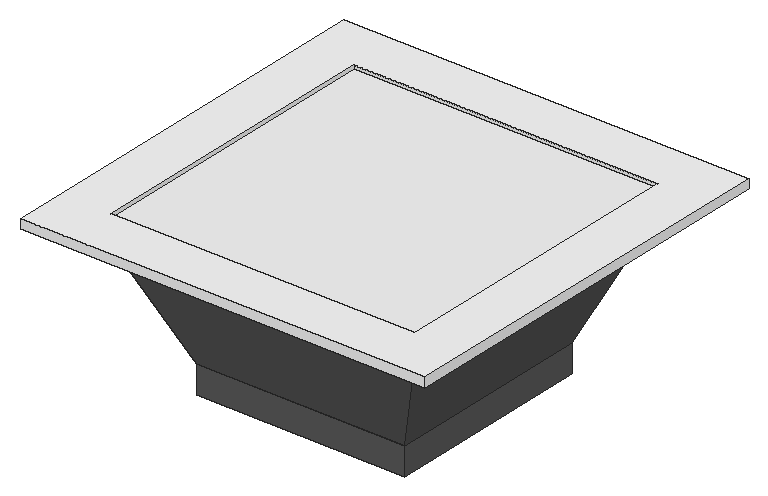
Revit family "3031701 Feilo Sylvania Lighting Fixture SYL-LIGHTER SQ 170 LED12W NW DIM", category Lighting Fixtures, host Face, Revit 2017
Family settings
  Host = Face
  Round Connector Dimension = Use Diameter
  Part Type = Normal
  OmniClass Number = 23.80.70.00
  OmniClass Title = Lighting
  Cut with Voids When Loaded = No
  Light Source = Yes
  Shared = No
  Room Calculation Point = No
Parameters (values of type "3031701 SYL-LIGHTER SQ 170 LED12W NW DIM")
  Width_FEILO = 175 mm
  WidthCutOut_FEILO = 150 mm
  Weight = "7.8 kg"
  Wattage Comments = ""
  Wattage = 12 W
  WarrantyStartDate [instance] = "n/a"
  WarrantyGuarantorParts = "n/a"
  WarrantyDurationUnit = "n/a"
  WarrantyDurationParts = "n/a"
  WarrantyDescription = "n/a"
  built-in parameter 1150110 = 1 (stored number, unit not read)
  Voltage = 230 V
  URL = "http://www.sylvania-lighting.com"
  TypeName = "SYL-LIGHTER SQ 170 LED12W NW DIM"
  Type Image = <None>
  Type Comments = "n/a"
  built-in parameter 1114217 = 1 (stored number, unit not read)
  Tilt Angle = -90.00°
  built-in parameter 1150109 = 1 (stored number, unit not read)
  built-in parameter 1150134 = 12
  built-in parameter 1150113 = 1 (stored number, unit not read)
  SerialNumber [instance] = "n/a"
  Photometric Web File = "3031701.ies"
  Offset3_FEILO = Width_FEILO / 8.5  # 20.588 mm
  Offset2_FEILO = Width_FEILO / 28.3333  # 6.176 mm
  Offset1_FEILO = Width_FEILO / 56.6667  # 3.088 mm
  Material_3_FEILO = Diffuser-Sylvania-InsaverHoTopperSquare
  PowerFactor = 0
  PowerConsumption = "12 W"
  NominalLength = 175 mm
  NominalHeight = 68 mm
  NominalDepth = 175 mm
  Name = "SYL-LIGHTER SQ 170 LED12W NW DIM"
  ModelReference = Name  # "SYL-LIGHTER SQ 170 LED12W NW DIM"
  ModelNumber = "3031701"
  Model = Name  # "SYL-LIGHTER SQ 170 LED12W NW DIM"
  Material = "polycarbonate diffuser"
  ManufacturerName = "Feilo Sylvania"
  Manufacturer = "Feilo Sylvania"
  LuminousEfficacy = "69 lm/W"
  built-in parameter 1150105 = 375.42 (stored number, unit not read)
  Lumens = 828 lm
  LuminaireType = ""
  built-in parameter 1150115 = 1 (stored number, unit not read)
  LightOutputRatio = "n/a"
  built-in parameter 1150137 = (empty or 0)
  built-in parameter 1150139 = (empty or 0)
  LampsType = Lamp  # "LED"
  LampNominalLuminous = "826 lm"
  LampMacAdamStep = "n/a"
  LampColourTemperature = "4000 K"
  LampColourRenderingIndex = "0"
  built-in parameter 1150112 = 1 (stored number, unit not read)
  built-in parameter 1150114 = 1 (stored number, unit not read)
  Lamp = "LED"
  Keynote = "16500"
  InstallationDate [instance] = "n/a"
  InputVoltage = "220-240V~"
  InputNominalFrequency = "n/a"
  built-in parameter 1150132 = (empty or 0)
  built-in parameter 1150102 = (empty or 0)
  built-in parameter 1150107 = 4000 (stored number, unit not read)
  built-in parameter 1150138 = (empty or 0)
  IngressProtection = "IP44"
  ImpactProtectionIndex = "IK02"
  built-in parameter 1150106 = 3.7542 (stored number, unit not read)
  IfcExportType = "IfcLightFixtureType"
  IfcExportAs = "IfcLightFixtureType"
  HieghtCutOut_FEILO = HeightRecessed_FEILO / 0.8  # 85 mm
  HieghtBezel_FEILO = 4 mm
  HeightRecessed_FEILO = 68 mm
  HeightMiddle_FEILO = HeightRecessed_FEILO / 8.5  # 8 mm
  HeightBlend_FEILO = HeightRecessed_FEILO / 1.4167  # 48 mm
  ExpectedLife = 50000
  Emit from Rectangle Width = WidthCutOut_FEILO - 2 * (Offset1_FEILO + Offset2_FEILO)  # 131.471 mm
  Emit from Rectangle Length = WidthCutOut_FEILO - 2 * (Offset1_FEILO + Offset2_FEILO)  # 131.471 mm
  Emit Shape Visible in Rendering = no
  ElectricShockClassification = "n/a"
  built-in parameter 1150104 = 6.4103 (stored number, unit not read)
  DurationUnit = "hours"
  DocumentationLiterature = "http://www.sylvania-lighting.com/product/en-int/products/3031701"
  DimmingControlOptions = "n/a"
  Material_2_FEILO = Body-Sylvania-InsaverHoTopperSquare-Black
  Dimming Lamp Color Temperature Shift = <None>
  Description = ""
  Default Elevation = 1219.2 mm
  CreatedOn = "2/20/2018"
  CreatedBy = ""
  Cost = 0
  Color Filter = 16777215
  built-in parameter 1114216 [instance] = (empty or 0)
  ClassificationValue = "EF_70_80"
  ClassificationName = "Uniclass2015"
  Material_1_FEILO = Bezel-Sylvania-InsaverHoTopperSquare-White
  BarCode [instance] = "n/a"
  built-in parameter 1114218 = 1 (stored number, unit not read)
  built-in parameter 1150133 = 10 (stored number, unit not read)
  AssetType = "Fixed"
  AssetIdentifier [instance] = "n/a"
  Assembly Code = "D5020200"
  Apparent Load = 12 VA
  Material_4_FEILO = none
Reference planes
  plane 1 "Center (Front/Back)": y = 0
  plane 2: z = 0
  plane 3 "Center (Left/Right)": x = 0
  plane 4: x = 75
  plane 5: x = -75
  plane 6: x = -87.5
  plane 7: x = 87.5
  plane 8: x = -71.912
  plane 9: x = 71.912
  plane 10: z = -85
  plane 11: z = 4
  plane 12: z = -8
  plane 13: z = -68
  plane 14: y = 87.5
  plane 15: y = -87.5
  plane 16: y = 75
  plane 17: y = -75
  plane 18: y = 71.912
  plane 19: y = -71.912
  plane 20: z = 2.5
  plane 21: x = -65.735
  plane 22: y = 65.735
  plane 23: x = 65.735
  plane 24: y = -65.735
  plane 25: x = -45.147
  plane 26: y = 45.147
  plane 27: x = 45.147
  plane 28: y = -45.147
  plane 29: z = -56
Forms (mm)
  Extrusion 1, void
    sketch origin (0, 0, 0) x (1, 0, 0) y (0, 1, 0)
      loop
        line (-75, 75) -> (-75, -75) -> (75, -75) -> (75, 75) -> (-75, 75)
    from 0 to -85
  Extrusion 2, solid, material "Bezel-Sylvania-InsaverHoTopperSquare-White" <- "Material_1_FEILO"
    sketch origin (0, 0, 0) x (1, 0, 0) y (0, 1, 0)
      loop
        line (-87.5, 87.5) -> (-87.5, -87.5) -> (87.5, -87.5) -> (87.5, 87.5) -> (-87.5, 87.5)
      loop
        line (-65.735, 65.735) -> (-65.735, -65.735) -> (65.735, -65.735) -> (65.735, 65.735) -> (-65.735, 65.735)
    from 0 to 4
  Extrusion 3, solid, material "Diffuser-Sylvania-InsaverHoTopperSquare" <- "Material_3_FEILO"
    sketch origin (0, 0, 0) x (1, 0, 0) y (0, 1, 0)
      loop
        line (-65.735, 65.735) -> (-65.735, -65.735) -> (65.735, -65.735) -> (65.735, 65.735) -> (-65.735, 65.735)
    from 0 to 2.5
  Extrusion 4, solid, material "Bezel-Sylvania-InsaverHoTopperSquare-White" <- "Material_1_FEILO"
    sketch origin (0, 0, 0) x (1, 0, 0) y (0, 1, 0)
      loop
        line (-71.912, 71.912) -> (-71.912, -71.912) -> (71.912, -71.912) -> (71.912, 71.912) -> (-71.912, 71.912)
    from 0 to -8
  Blend 5, solid, material "Body-Sylvania-InsaverHoTopperSquare-Black" <- "Material_2_FEILO"
    base sketch origin (1223.4, -4572, -8) x (0, -1, 0) y (1, 0, 0)
      loop
        line (-4637.735, -1289.135) -> (-4506.265, -1289.135) -> (-4506.265, -1157.665) -> (-4637.735, -1157.665) -> (-4637.735, -1289.135)
    top sketch origin (1223.4, -4572, -8) x (0, -1, 0) y (1, 0, 0)
      loop
        line (-4617.147, -1268.547) -> (-4526.853, -1268.547) -> (-4526.853, -1178.253) -> (-4617.147, -1178.253) -> (-4617.147, -1268.547)
    from 0 to -48
  Extrusion 6, solid, material "Body-Sylvania-InsaverHoTopperSquare-Black" <- "Material_2_FEILO"
    sketch origin (1223.4, -4572, -56) x (0, -1, 0) y (-1, 0, 0)
      loop
        line (-4617.147, 1268.547) -> (-4617.147, 1178.253) -> (-4526.853, 1178.253) -> (-4526.853, 1268.547) -> (-4617.147, 1268.547)
    from 12 to 0
Dimensions and locks
  "HieghtCutOut_FEILO": plane 2 to plane 10
  "HieghtBezel_FEILO": plane 11 to plane 2
  "HeightMiddle_FEILO": plane 2 to plane 12
  "HeightRecessed_FEILO": plane 2 to plane 13
  equal spacing: plane 19, plane 1 "Center (Front/Back)", plane 18
  equal spacing: plane 17, plane 1 "Center (Front/Back)", plane 16
  equal spacing: plane 15, plane 1 "Center (Front/Back)", plane 14
  "Width_FEILO": plane 15 to plane 14
  "WidthCutOut_FEILO": plane 17 to plane 16
  "Offset1_FEILO": plane 18 to plane 16
  equal spacing: plane 6, plane 3 "Center (Left/Right)", plane 7
  "Width_FEILO": plane 6 to plane 7
  equal spacing: plane 5, plane 3 "Center (Left/Right)", plane 4
  "WidthCutOut_FEILO": plane 5 to plane 4
  equal spacing: plane 8, plane 3 "Center (Left/Right)", plane 9
  "Offset1_FEILO": plane 5 to plane 8
  locked: plane 11 to plane 20 at 1.5
  equal spacing: plane 21, plane 3 "Center (Left/Right)", plane 23
  equal spacing: plane 24, plane 1 "Center (Front/Back)", plane 22
  "Offset2_FEILO": plane 22 to plane 18
  "Offset2_FEILO": plane 8 to plane 21
  equal spacing: plane 25, plane 3 "Center (Left/Right)", plane 27
  equal spacing: plane 28, plane 1 "Center (Front/Back)", plane 26
  "Offset3_FEILO": plane 26 to plane 22
  "Offset3_FEILO": plane 21 to plane 25
  "HeightBlend_FEILO": plane 12 to plane 29
  aligned and locked: plane 2 to host face
  aligned and locked: level to host face
  aligned and locked: plane 16 to Extrusion 1 sketch curve
  aligned and locked: plane 5 to Extrusion 1 sketch curve
  aligned and locked: Extrusion 1 sketch curve to plane 17
  aligned and locked: Extrusion 1 sketch curve to plane 4
  aligned and locked: level to Extrusion 1
  aligned and locked: plane 10 to Extrusion 1
  aligned and locked: plane 14 to Extrusion 2 sketch curve
  aligned and locked: plane 6 to Extrusion 2 sketch curve
  aligned and locked: Extrusion 2 sketch curve to plane 15
  aligned and locked: Extrusion 2 sketch curve to plane 7
  aligned and locked: plane 22 to Extrusion 2 sketch curve
  aligned and locked: plane 21 to Extrusion 2 sketch curve
  aligned and locked: Extrusion 2 sketch curve to plane 24
  aligned and locked: Extrusion 2 sketch curve to plane 23
  aligned and locked: Extrusion 2 to plane 11
  aligned and locked: Extrusion 2 to level
  aligned and locked: Extrusion 3 sketch curve to Extrusion 2  (x4)
  aligned and locked: Extrusion 3 to plane 20
  aligned and locked: Extrusion 3 to level
  aligned and locked: plane 18 to Extrusion 4 sketch curve
  aligned and locked: plane 8 to Extrusion 4 sketch curve
  aligned and locked: Extrusion 4 sketch curve to plane 19
  aligned and locked: Extrusion 4 sketch curve to plane 9
  aligned and locked: plane 12 to Extrusion 4
  aligned and locked: level to Extrusion 4
  aligned and locked: Blend 5 sketch curve to Extrusion 2  (x4)
  aligned and locked: Blend 5 sketch curve to plane 26
  aligned and locked: Blend 5 sketch curve to plane 25
  aligned and locked: plane 28 to Blend 5 sketch curve
  aligned and locked: plane 27 to Blend 5 sketch curve
  aligned and locked: plane 12 to Blend 5
  aligned and locked: plane 29 to Blend 5
  aligned and locked: Extrusion 6 sketch curve to Blend 5  (x4)
  aligned and locked: plane 13 to Extrusion 6
  aligned and locked: Extrusion 6 to plane 29
  aligned and locked: plane 3 "Center (Left/Right)" to imposter light
  aligned and locked: imposter light to plane 1 "Center (Front/Back)"
  aligned and locked: imposter light to plane 20
Automatic sketch dimensions
  host sketch curve to host sketch curve = 2438.4 mm  (x2)
Connectors
  electrical at (0, 0, 0), driven by "Apparent Load", driven by "PowerFactor", driven by "Voltage"
    settings: index 1, voltage 230 V, apparent load 12 VA, apparent load phase1 0 VA, apparent load phase2 0 VA, apparent load phase3 0 VA, power factor 0, load classification "Lighting", number of poles 1, system type 30, power factor state 1, is connector primary yes, connector utility no, sub classification motor no, connector description ""
